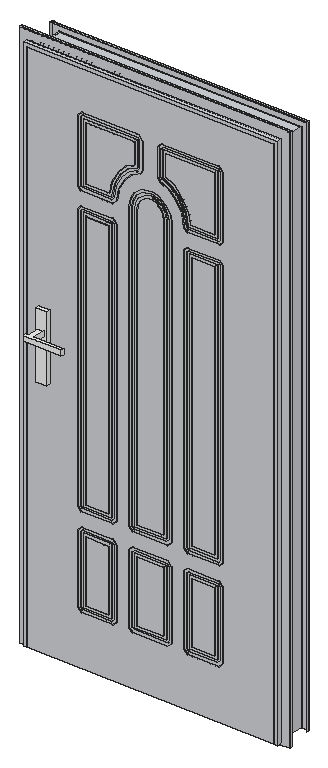
Revit family "GRANIT_7", category Drzwi, Revit 2016
Family settings
  Obiekt nadrzędny = Ściana
  Zawsze pionowo = Tak
  Tnij formami wycięć po wczytaniu = Nie
  Współdzielony = Nie
  Punkt obliczania pomieszczeń = Nie
Parameters (values of type "PN 90")
  URL = "www.porta.com.pl"
  SB = 964 mm
  Producent = "PORTA KMI POLAND"  # constant formula
  Keynote = ""
  Opis = "Własność Porta KMI Poland, wszelkie prawa zastrzeżone."  # constant formula
  Odwzorowanie ramy - zewnętrzne = 25 mm
  Odwzorowanie ramy - wewnętrzne = 25 mm
  Szerokość ramy = 75 mm
  Wysokość = 2056 mm
  Zakończenie ściany = Wg obiektu nadrzędnego
  Szerokość = 984 mm
  Materiał skrzydła [instance] = none
  Materiał ościeżnicy [instance] = none
  Materiał klamki [instance] = none
  Konstrukcja analityczna = "<Brak>"
  Informacja = ""
  Funkcja = Wewnętrzna
Types (8, lengths in mm): name | URL | SB | Wysokość | Szerokość | Informacja
  PN 80 | "www.porta.com.pl , www.portadoors.com , www.portacad.eu" | 856 | 2056 | 876 | ""
  PN 90 | "www.porta.com.pl" | 964 | 2056 | 984 | ""
  PN 100 | "www.porta.com.pl , www.portadoors.com , www.portacad.eu" | 1056 | 2056 | 1076 | "Biblioteki CAD produktów firmy PORTA KMI POLAND S.A. wraz z ich wizualizacjami są chronione prawami własności przemysłowej i intelektualnej. Można je wykorzystywać do handlowych celów osobistych poprzez zastosowanie w projektach, jednak nie wolno ich powielać, modyfikować, licencjonować ani publikować, w całości ani w części, chyba że celem przeglądania, bez uprzedniej pisemnej zgody PORTA KMI Poland sp.z.o.o. www.porta.com.pl "
  C'eska' a Slovenska' 80 | "www.porta.com.pl , www.portadoors.com , www.portacad.eu" | 860 | 2005 | 880 | "Biblioteki CAD produktów firmy PORTA KMI POLAND S.A. wraz z ich wizualizacjami są chronione prawami własności przemysłowej i intelektualnej. Można je wykorzystywać do handlowych celów osobistych poprzez zastosowanie w projektach, jednak nie wolno ich powielać, modyfikować, licencjonować ani publikować, w całości ani w części, chyba że celem przeglądania, bez uprzedniej pisemnej zgody PORTA KMI Poland sp.z.o.o. www.porta.com.pl "
  C'eska' a Slovenska' 90 | "www.porta.com.pl , www.portadoors.com , www.portacad.eu" | 960 | 2005 | 980 | "Biblioteki CAD produktów firmy PORTA KMI POLAND S.A. wraz z ich wizualizacjami są chronione prawami własności przemysłowej i intelektualnej. Można je wykorzystywać do handlowych celów osobistych poprzez zastosowanie w projektach, jednak nie wolno ich powielać, modyfikować, licencjonować ani publikować, w całości ani w części, chyba że celem przeglądania, bez uprzedniej pisemnej zgody PORTA KMI Poland sp.z.o.o. www.porta.com.pl "
  C'eska' a Slovenska' 100 | "www.porta.com.pl , www.portadoors.com , www.portacad.eu" | 1060 | 2005 | 1080 | "Biblioteki CAD produktów firmy PORTA KMI POLAND S.A. wraz z ich wizualizacjami są chronione prawami własności przemysłowej i intelektualnej. Można je wykorzystywać do handlowych celów osobistych poprzez zastosowanie w projektach, jednak nie wolno ich powielać, modyfikować, licencjonować ani publikować, w całości ani w części, chyba że celem przeglądania, bez uprzedniej pisemnej zgody PORTA KMI Poland sp.z.o.o. www.porta.com.pl "
  DIN 80 | "www.porta.com.pl , www.portadoors.com , www.portacad.eu" | 865 | 2005 | 885 | "Biblioteki CAD produktów firmy PORTA KMI POLAND S.A. wraz z ich wizualizacjami są chronione prawami własności przemysłowej i intelektualnej. Można je wykorzystywać do handlowych celów osobistych poprzez zastosowanie w projektach, jednak nie wolno ich powielać, modyfikować, licencjonować ani publikować, w całości ani w części, chyba że celem przeglądania, bez uprzedniej pisemnej zgody PORTA KMI Poland sp.z.o.o. www.porta.com.pl "
  DIN 90 | "www.porta.com.pl , www.portadoors.com , www.portacad.eu" | 990 | 2005 | 1010 | "Biblioteki CAD produktów firmy PORTA KMI POLAND S.A. wraz z ich wizualizacjami są chronione prawami własności przemysłowej i intelektualnej. Można je wykorzystywać do handlowych celów osobistych poprzez zastosowanie w projektach, jednak nie wolno ich powielać, modyfikować, licencjonować ani publikować, w całości ani w części, chyba że celem przeglądania, bez uprzedniej pisemnej zgody PORTA KMI Poland sp.z.o.o. www.porta.com.pl "
Reference planes
  plane 1: y = 0
  plane 2 "Środek (Lewa/Prawa)": x = 0
  plane 3 "Lewy": x = -492
  plane 4 "Prawy": x = 492
  plane 5: z = 2056
  plane 6 "Zewnętrzna": y = 75
  plane 7 "Wewnętrzna": y = -75
  plane 8: z = 184.239
  plane 9: y = -81.983
Forms (mm)
  Sweep 1, solid, material <- "Materiał ościeżnicy"
    path in 3D
      loop
        line (-492, -75, 0) -> (-492, -75, 2056) -> (492, -75, 2056) -> (492, -75, 0)
    profile origin (-492, -75, 1028) x (0, -1, 0) y (1, 0, 0)
      loop
        line (8.8, 22.5) -> (8.8, -12.5)
        arc (8.8, -12.5) -> (8.419, -13.419) -> (7.5, -13.8) r 1.3
        line (7.5, -13.8) -> (0, -13.8) -> (0, -15) -> (7.5, -15)
        arc (7.5, -15) -> (9.268, -14.268) -> (10, -12.5) r 2.5
        line (10, -12.5) -> (10, 22.5)
        arc (10, 22.5) -> (9.268, 24.268) -> (7.5, 25) r 2.5
        line (7.5, 25) -> (-33.505, 25)
        arc (-33.505, 25) -> (-34.212, 25.293) -> (-34.505, 26) r 1
        line (-34.505, 26) -> (-34.505, 34.5)
        arc (-34.505, 34.5) -> (-34.212, 35.207) -> (-33.505, 35.5) r 1
        line (-33.505, 35.5) -> (-26.255, 35.5)
        arc (-26.255, 35.5) -> (-24.005, 37.75) -> (-26.255, 40) r 2.25
        line (-26.255, 40) -> (-107.5, 40)
        arc (-107.5, 40) -> (-109.268, 39.268) -> (-110, 37.5) r 2.5
        line (-110, 37.5) -> (-110, 12.5)
        arc (-110, 12.5) -> (-109.268, 10.732) -> (-107.5, 10) r 2.5
        line (-107.5, 10) -> (-100, 10) -> (-100, 11.2) -> (-107.5, 11.2)
        arc (-107.5, 11.2) -> (-108.419, 11.581) -> (-108.8, 12.5) r 1.3
        line (-108.8, 12.5) -> (-108.8, 37.5)
        arc (-108.8, 37.5) -> (-108.419, 38.419) -> (-107.5, 38.8) r 1.3
        line (-107.5, 38.8) -> (-26.255, 38.8)
        arc (-26.255, 38.8) -> (-25.205, 37.75) -> (-26.255, 36.7) r 1.05
        line (-26.255, 36.7) -> (-33.505, 36.7)
        arc (-33.505, 36.7) -> (-35.06, 36.056) -> (-35.705, 34.5) r 2.2
        line (-35.705, 34.5) -> (-35.705, 26)
        arc (-35.705, 26) -> (-35.06, 24.444) -> (-33.505, 23.8) r 2.2
        line (-33.505, 23.8) -> (7.5, 23.8)
        arc (7.5, 23.8) -> (8.419, 23.419) -> (8.8, 22.5) r 1.3
      loop
        arc (-18.755, 35) -> (-20.219, 38.536) -> (-23.755, 40) r 5
        line (-23.755, 40) -> (-23.755, 34) -> (-31.755, 34) -> (-31.755, 26) -> (-18.755, 26) -> (-18.755, 35)
  Extrusion 2, solid, material <- "Materiał skrzydła"
    sketch origin (0, -75, 0) x (1, 0, 0) y (0, 0, 1)
      loop
        line (-463, 2023.457) -> (-463, 8.303) -> (463.032, 8.303) -> (463.032, 2023.457) -> (-463, 2023.457)
    from -17.017 to 30.983
  Sweep 3, solid, material <- "Materiał skrzydła"
    path in 3D
      loop
        line (463.032, -105.983, 8.303) -> (463.032, -105.983, 2023.457) -> (-463, -105.983, 2023.457) -> (-463, -105.983, 8.303)
    profile origin (-463, -105.983, 1015.88) x (-1, 0, 0) y (0, -1, 0)
      loop
        line (0, 0) -> (0, -18) -> (13, -18) -> (13, 0) -> (0, 0)
  Extrusion 4, void
    sketch origin (0, -75, 0) x (1, 0, 0) y (0, 0, 1)
      loop
        line (-272, 1863.06) -> (-272, 1624.414) -> (-259.646, 1612.06) -> (-140, 1612.06) -> (-125.475, 1624.959) -> (-116.598, 1670.63) -> (-95.72, 1706.79) -> (-72.578, 1729.933) -> (-36.626, 1747.468) -> (-29, 1760.676) -> (-29, 1863.06) -> (-44, 1878.06) -> (-257, 1878.06) -> (-272, 1863.06)
      loop
        line (-272, 1547.851) -> (-272, 550.06) -> (-259.646, 535.06) -> (-140, 535.06) -> (-125, 550.06) -> (-125, 1548.06) -> (-140, 1563.06) -> (-259.646, 1563.06) -> (-272, 1547.851)
      loop
        line (-272, 211.27) -> (-256.791, 196.06) -> (-140, 196.06) -> (-125, 211.06) -> (-125, 470.37) -> (-140, 485.37) -> (-256.791, 485.37) -> (-272, 470.16) -> (-272, 211.27)
      loop
        line (-80, 209.06) -> (-64.795, 196.06) -> (64.795, 196.06) -> (80, 209.06) -> (80, 470.856) -> (64.795, 486.06) -> (-65, 486.06) -> (-80, 471.06) -> (-80, 209.06)
      loop
        line (-80, 1625.06) -> (-80, 550.06) -> (-65, 535.06) -> (64.795, 535.06) -> (80, 550.265) -> (80, 1625.06) -> (74.809, 1651.764) -> (59.091, 1678.988) -> (32.588, 1697.546) -> (12.473, 1704.082) -> (0, 1705.06) -> (-12.473, 1704.082) -> (-32.588, 1697.546) -> (-59.091, 1678.988) -> (-74.809, 1651.764) -> (-80, 1625.06)
      loop
        line (272, 1863.06) -> (257, 1878.06) -> (44, 1878.06) -> (29, 1863.06) -> (29, 1760.676) -> (36.626, 1747.468) -> (72.578, 1729.933) -> (95.72, 1706.79) -> (116.598, 1670.63) -> (125.475, 1624.959) -> (140, 1612.06) -> (259.646, 1612.06) -> (272, 1624.414) -> (272, 1863.06)
      loop
        line (272, 1547.851) -> (259.646, 1563.06) -> (140, 1563.06) -> (125, 1548.06) -> (125, 550.06) -> (140, 535.06) -> (259.646, 535.06) -> (272, 550.06) -> (272, 1547.851)
      loop
        line (272, 211.27) -> (272, 470.16) -> (256.791, 485.37) -> (140, 485.37) -> (125, 470.37) -> (125, 211.06) -> (140, 196.06) -> (256.791, 196.06) -> (272, 211.27)
      loop
        line (-242, 1848.06) -> (-242, 1642.06) -> (-152.712, 1642.06) -> (-145.088, 1681.282) -> (-119.726, 1725.211) -> (-90.241, 1754.696) -> (-59, 1769.933) -> (-59, 1848.06) -> (-242, 1848.06)
      loop
        line (-242, 1533.06) -> (-242, 565.06) -> (-155, 565.06) -> (-155, 1533.06) -> (-242, 1533.06)
      loop
        line (-242, 455.37) -> (-242, 226.06) -> (-155, 226.06) -> (-155, 455.37) -> (-242, 455.37)
      loop
        line (-50, 1622.172) -> (-50, 565.06) -> (50, 565.06) -> (50, 1622.172) -> (46.319, 1641.111) -> (36.436, 1658.229) -> (19.053, 1670.4) -> (6.583, 1674.452) -> (0, 1674.968) -> (-6.583, 1674.452) -> (-19.053, 1670.4) -> (-36.436, 1658.229) -> (-46.319, 1641.111) -> (-50, 1622.172)
      loop
        line (50, 456.06) -> (-50, 456.06) -> (-50, 226.06) -> (50, 226.06) -> (50, 456.06)
      loop
        line (155, 565.06) -> (242, 565.06) -> (242, 1533.06) -> (155, 1533.06) -> (155, 565.06)
      loop
        line (242, 1642.06) -> (242, 1848.06) -> (59, 1848.06) -> (59, 1769.933) -> (90.241, 1754.696) -> (119.726, 1725.211) -> (145.088, 1681.282) -> (152.712, 1642.06) -> (242, 1642.06)
      loop
        line (155, 226.06) -> (242, 226.06) -> (242, 455.37) -> (155, 455.37) -> (155, 226.06)
    from 28.376 to 30.983
  Extrusion 5, void
    sketch origin (0, -75, 0) x (1, 0, 0) y (0, 0, 1)
      loop
        line (-272, 1863.06) -> (-272, 1624.414) -> (-259.646, 1612.06) -> (-140, 1612.06) -> (-125.475, 1624.959) -> (-116.598, 1670.63) -> (-95.72, 1706.79) -> (-72.578, 1729.933) -> (-36.626, 1747.468) -> (-29, 1760.676) -> (-29, 1863.06) -> (-44, 1878.06) -> (-257, 1878.06) -> (-272, 1863.06)
      loop
        line (-272, 1547.851) -> (-272, 550.06) -> (-259.646, 535.06) -> (-140, 535.06) -> (-125, 550.06) -> (-125, 1548.06) -> (-140, 1563.06) -> (-259.646, 1563.06) -> (-272, 1547.851)
      loop
        line (-272, 211.27) -> (-256.791, 196.06) -> (-140, 196.06) -> (-125, 211.06) -> (-125, 470.37) -> (-140, 485.37) -> (-256.791, 485.37) -> (-272, 470.16) -> (-272, 211.27)
      loop
        line (-80, 209.06) -> (-64.795, 196.06) -> (64.795, 196.06) -> (80, 209.06) -> (80, 470.856) -> (64.795, 486.06) -> (-65, 486.06) -> (-80, 471.06) -> (-80, 209.06)
      loop
        line (-80, 1625.06) -> (-80, 550.06) -> (-65, 535.06) -> (64.795, 535.06) -> (80, 550.265) -> (80, 1625.06) -> (74.809, 1651.764) -> (59.091, 1678.988) -> (32.588, 1697.546) -> (12.473, 1704.082) -> (0, 1705.06) -> (-12.473, 1704.082) -> (-32.588, 1697.546) -> (-59.091, 1678.988) -> (-74.809, 1651.764) -> (-80, 1625.06)
      loop
        line (272, 1863.06) -> (257, 1878.06) -> (44, 1878.06) -> (29, 1863.06) -> (29, 1760.676) -> (36.626, 1747.468) -> (72.578, 1729.933) -> (95.72, 1706.79) -> (116.598, 1670.63) -> (125.475, 1624.959) -> (140, 1612.06) -> (259.646, 1612.06) -> (272, 1624.414) -> (272, 1863.06)
      loop
        line (272, 1547.851) -> (259.646, 1563.06) -> (140, 1563.06) -> (125, 1548.06) -> (125, 550.06) -> (140, 535.06) -> (259.646, 535.06) -> (272, 550.06) -> (272, 1547.851)
      loop
        line (272, 211.27) -> (272, 470.16) -> (256.791, 485.37) -> (140, 485.37) -> (125, 470.37) -> (125, 211.06) -> (140, 196.06) -> (256.791, 196.06) -> (272, 211.27)
      loop
        line (-242, 1848.06) -> (-242, 1642.06) -> (-152.712, 1642.06) -> (-145.088, 1681.282) -> (-119.726, 1725.211) -> (-90.241, 1754.696) -> (-59, 1769.933) -> (-59, 1848.06) -> (-242, 1848.06)
      loop
        line (-242, 1533.06) -> (-242, 565.06) -> (-155, 565.06) -> (-155, 1533.06) -> (-242, 1533.06)
      loop
        line (-242, 455.37) -> (-242, 226.06) -> (-155, 226.06) -> (-155, 455.37) -> (-242, 455.37)
      loop
        line (-50, 1622.172) -> (-50, 565.06) -> (50, 565.06) -> (50, 1622.172) -> (46.319, 1641.111) -> (36.436, 1658.229) -> (19.053, 1670.4) -> (6.583, 1674.452) -> (0, 1674.968) -> (-6.583, 1674.452) -> (-19.053, 1670.4) -> (-36.436, 1658.229) -> (-46.319, 1641.111) -> (-50, 1622.172)
      loop
        line (50, 456.06) -> (-50, 456.06) -> (-50, 226.06) -> (50, 226.06) -> (50, 456.06)
      loop
        line (155, 565.06) -> (242, 565.06) -> (242, 1533.06) -> (155, 1533.06) -> (155, 565.06)
      loop
        line (242, 1642.06) -> (242, 1848.06) -> (59, 1848.06) -> (59, 1769.933) -> (90.241, 1754.696) -> (119.726, 1725.211) -> (145.088, 1681.282) -> (152.712, 1642.06) -> (242, 1642.06)
      loop
        line (155, 226.06) -> (242, 226.06) -> (242, 455.37) -> (155, 455.37) -> (155, 226.06)
    from -17.017 to -14.39
  Sweep 6, solid, material <- "Materiał skrzydła"
    path in 3D
      loop
        line (-272, -105.983, 1863.06) -> (-257, -105.983, 1878.06) -> (-44, -105.983, 1878.06) -> (-29, -105.983, 1863.06) -> (-29, -105.983, 1760.676) -> (-36.626, -105.983, 1747.468) -> (-72.578, -105.983, 1729.933) -> (-95.72, -105.983, 1706.79) -> (-116.598, -105.983, 1670.63) -> (-125.475, -105.983, 1624.959) -> (-140, -105.983, 1612.06) -> (-259.646, -105.983, 1612.06) -> (-272, -105.983, 1624.414) -> (-272, -105.983, 1863.06)
    profile origin (-272, -105.983, 1743.737) x (0, -1, 0) y (1, 0, 0)
      loop
        line (-1.303, 0) -> (-1.303, 10) -> (-2.607, 10) -> (-2.607, 0) -> (-1.303, 0)
      loop
        line (-46.697, 0) -> (-45.393, 0) -> (-45.393, 10) -> (-46.697, 10) -> (-46.697, 0)
  Sweep 7, solid, material <- "Materiał skrzydła"
    path in 3D
      loop
        line (-242, -105.983, 1642.06) -> (-152.712, -105.983, 1642.06) -> (-145.088, -105.983, 1681.282) -> (-119.726, -105.983, 1725.211) -> (-90.241, -105.983, 1754.696) -> (-59, -105.983, 1769.933) -> (-59, -105.983, 1848.06) -> (-242, -105.983, 1848.06) -> (-242, -105.983, 1642.06)
    profile origin (-242, -105.983, 1745.06) x (-1, 0, 0) y (0, -1, 0)
      loop
        line (0, -1.303) -> (0, -2.607) -> (10, -2.607) -> (10, -1.303) -> (0, -1.303)
      loop
        line (0, -46.697) -> (10, -46.697) -> (10, -45.393) -> (0, -45.393) -> (0, -46.697)
  Sweep 8, solid, material <- "Materiał skrzydła"
    path in 3D
      loop
        line (29, -105.983, 1863.06) -> (44, -105.983, 1878.06) -> (257, -105.983, 1878.06) -> (272, -105.983, 1863.06) -> (272, -105.983, 1624.414) -> (259.646, -105.983, 1612.06) -> (140, -105.983, 1612.06) -> (125.475, -105.983, 1624.959) -> (116.598, -105.983, 1670.63) -> (95.72, -105.983, 1706.79) -> (72.578, -105.983, 1729.933) -> (36.626, -105.983, 1747.468) -> (29, -105.983, 1760.676) -> (29, -105.983, 1863.06)
    profile origin (29, -105.983, 1811.868) x (0, -1, 0) y (1, 0, 0)
      loop
        line (-1.303, 10) -> (-2.607, 10) -> (-2.607, 0) -> (-1.303, 0) -> (-1.303, 10)
      loop
        line (-46.697, 10) -> (-46.697, 0) -> (-45.393, 0) -> (-45.393, 10) -> (-46.697, 10)
  Sweep 9, solid, material <- "Materiał skrzydła"
    path in 3D
      loop
        line (59, -105.983, 1769.933) -> (90.241, -105.983, 1754.696) -> (119.726, -105.983, 1725.211) -> (145.088, -105.983, 1681.282) -> (152.712, -105.983, 1642.06) -> (242, -105.983, 1642.06) -> (242, -105.983, 1848.06) -> (59, -105.983, 1848.06) -> (59, -105.983, 1769.933)
    profile origin (59, -105.983, 1808.997) x (-1, 0, 0) y (0, -1, 0)
      loop
        line (10, -1.303) -> (0, -1.303) -> (0, -2.607) -> (10, -2.607) -> (10, -1.303)
      loop
        line (10, -46.697) -> (10, -45.393) -> (0, -45.393) -> (0, -46.697) -> (10, -46.697)
  Sweep 10, solid, material <- "Materiał skrzydła"
    path in 3D
      loop
        line (-272, -105.983, 1547.851) -> (-259.646, -105.983, 1563.06) -> (-140, -105.983, 1563.06) -> (-125, -105.983, 1548.06) -> (-125, -105.983, 550.06) -> (-140, -105.983, 535.06) -> (-259.646, -105.983, 535.06) -> (-272, -105.983, 550.06) -> (-272, -105.983, 1547.851)
    profile origin (-272, -105.983, 1048.956) x (0, -1, 0) y (1, 0, 0)
      loop
        line (-1.303, 0) -> (-1.303, 10) -> (-2.607, 10) -> (-2.607, 0) -> (-1.303, 0)
      loop
        line (-46.697, 0) -> (-45.393, 0) -> (-45.393, 10) -> (-46.697, 10) -> (-46.697, 0)
  Sweep 11, solid, material <- "Materiał skrzydła"
    path in 3D
      loop
        line (-242, -105.983, 565.06) -> (-155, -105.983, 565.06) -> (-155, -105.983, 1533.06) -> (-242, -105.983, 1533.06) -> (-242, -105.983, 565.06)
    profile origin (-242, -105.983, 1049.06) x (-1, 0, 0) y (0, -1, 0)
      loop
        line (0, -1.303) -> (0, -2.607) -> (10, -2.607) -> (10, -1.303) -> (0, -1.303)
      loop
        line (0, -46.697) -> (10, -46.697) -> (10, -45.393) -> (0, -45.393) -> (0, -46.697)
  Sweep 12, solid, material <- "Materiał skrzydła"
    path in 3D
      loop
        line (-80, -105.983, 1625.06) -> (-74.809, -105.983, 1651.764) -> (-59.091, -105.983, 1678.988) -> (-32.588, -105.983, 1697.546) -> (-12.473, -105.983, 1704.082) -> (0, -105.983, 1705.06) -> (12.473, -105.983, 1704.082) -> (32.588, -105.983, 1697.546) -> (59.091, -105.983, 1678.988) -> (74.809, -105.983, 1651.764) -> (80, -105.983, 1625.06) -> (80, -105.983, 550.265) -> (64.795, -105.983, 535.06) -> (-65, -105.983, 535.06) -> (-80, -105.983, 550.06) -> (-80, -105.983, 1625.06)
    profile origin (-80, -105.983, 1087.56) x (0, -1, 0) y (1, 0, 0)
      loop
        line (-1.303, 0) -> (-1.303, 10) -> (-2.607, 10) -> (-2.607, 0) -> (-1.303, 0)
      loop
        line (-46.697, 0) -> (-45.393, 0) -> (-45.393, 10) -> (-46.697, 10) -> (-46.697, 0)
  Sweep 13, solid, material <- "Materiał skrzydła"
    path in 3D
      loop
        line (-50, -105.983, 565.06) -> (50, -105.983, 565.06) -> (50, -105.983, 1622.172) -> (46.319, -105.983, 1641.111) -> (36.436, -105.983, 1658.229) -> (19.053, -105.983, 1670.4) -> (6.583, -105.983, 1674.452) -> (0, -105.983, 1674.968) -> (-6.583, -105.983, 1674.452) -> (-19.053, -105.983, 1670.4) -> (-36.436, -105.983, 1658.229) -> (-46.319, -105.983, 1641.111) -> (-50, -105.983, 1622.172) -> (-50, -105.983, 565.06)
    profile origin (-50, -105.983, 1093.616) x (-1, 0, 0) y (0, -1, 0)
      loop
        line (0, -1.303) -> (0, -2.607) -> (10, -2.607) -> (10, -1.303) -> (0, -1.303)
      loop
        line (0, -46.697) -> (10, -46.697) -> (10, -45.393) -> (0, -45.393) -> (0, -46.697)
  Sweep 14, solid, material <- "Materiał skrzydła"
    path in 3D
      loop
        line (125, -105.983, 1548.06) -> (140, -105.983, 1563.06) -> (259.646, -105.983, 1563.06) -> (272, -105.983, 1547.851) -> (272, -105.983, 550.06) -> (259.646, -105.983, 535.06) -> (140, -105.983, 535.06) -> (125, -105.983, 550.06) -> (125, -105.983, 1548.06)
    profile origin (125, -105.983, 1049.06) x (0, -1, 0) y (1, 0, 0)
      loop
        line (-1.303, 0) -> (-1.303, 10) -> (-2.607, 10) -> (-2.607, 0) -> (-1.303, 0)
      loop
        line (-46.697, 0) -> (-45.393, 0) -> (-45.393, 10) -> (-46.697, 10) -> (-46.697, 0)
  Sweep 15, solid, material <- "Materiał skrzydła"
    path in 3D
      loop
        line (155, -105.983, 565.06) -> (242, -105.983, 565.06) -> (242, -105.983, 1533.06) -> (155, -105.983, 1533.06) -> (155, -105.983, 565.06)
    profile origin (155, -105.983, 1049.06) x (-1, 0, 0) y (0, -1, 0)
      loop
        line (0, -1.303) -> (0, -2.607) -> (10, -2.607) -> (10, -1.303) -> (0, -1.303)
      loop
        line (0, -46.697) -> (10, -46.697) -> (10, -45.393) -> (0, -45.393) -> (0, -46.697)
  Sweep 16, solid, material <- "Materiał skrzydła"
    path in 3D
      loop
        line (-272, -105.983, 470.16) -> (-256.791, -105.983, 485.37) -> (-140, -105.983, 485.37) -> (-125, -105.983, 470.37) -> (-125, -105.983, 211.06) -> (-140, -105.983, 196.06) -> (-256.791, -105.983, 196.06) -> (-272, -105.983, 211.27) -> (-272, -105.983, 470.16)
    profile origin (-272, -105.983, 340.715) x (0, -1, 0) y (1, 0, 0)
      loop
        line (-1.303, 0) -> (-1.303, 10) -> (-2.607, 10) -> (-2.607, 0) -> (-1.303, 0)
      loop
        line (-46.697, 0) -> (-45.393, 0) -> (-45.393, 10) -> (-46.697, 10) -> (-46.697, 0)
  Sweep 17, solid, material <- "Materiał skrzydła"
    path in 3D
      loop
        line (-242, -105.983, 226.06) -> (-155, -105.983, 226.06) -> (-155, -105.983, 455.37) -> (-242, -105.983, 455.37) -> (-242, -105.983, 226.06)
    profile origin (-242, -105.983, 340.715) x (-1, 0, 0) y (0, -1, 0)
      loop
        line (0, -1.303) -> (0, -2.607) -> (10, -2.607) -> (10, -1.303) -> (0, -1.303)
      loop
        line (0, -46.697) -> (10, -46.697) -> (10, -45.393) -> (0, -45.393) -> (0, -46.697)
  Sweep 18, solid, material <- "Materiał skrzydła"
    path in 3D
      loop
        line (-80, -105.983, 471.06) -> (-65, -105.983, 486.06) -> (64.795, -105.983, 486.06) -> (80, -105.983, 470.856) -> (80, -105.983, 209.06) -> (64.795, -105.983, 196.06) -> (-64.795, -105.983, 196.06) -> (-80, -105.983, 209.06) -> (-80, -105.983, 471.06)
    profile origin (-80, -105.983, 340.06) x (0, -1, 0) y (1, 0, 0)
      loop
        line (-1.303, 0) -> (-1.303, 10) -> (-2.607, 10) -> (-2.607, 0) -> (-1.303, 0)
      loop
        line (-46.697, 0) -> (-45.393, 0) -> (-45.393, 10) -> (-46.697, 10) -> (-46.697, 0)
  Sweep 19, solid, material <- "Materiał skrzydła"
    path in 3D
      loop
        line (-50, -105.983, 226.06) -> (50, -105.983, 226.06) -> (50, -105.983, 456.06) -> (-50, -105.983, 456.06) -> (-50, -105.983, 226.06)
    profile origin (-50, -105.983, 341.06) x (-1, 0, 0) y (0, -1, 0)
      loop
        line (0, -1.303) -> (0, -2.607) -> (10, -2.607) -> (10, -1.303) -> (0, -1.303)
      loop
        line (0, -46.697) -> (10, -46.697) -> (10, -45.393) -> (0, -45.393) -> (0, -46.697)
  Sweep 20, solid, material <- "Materiał skrzydła"
    path in 3D
      loop
        line (125, -105.983, 470.37) -> (140, -105.983, 485.37) -> (256.791, -105.983, 485.37) -> (272, -105.983, 470.16) -> (272, -105.983, 211.27) -> (256.791, -105.983, 196.06) -> (140, -105.983, 196.06) -> (125, -105.983, 211.06) -> (125, -105.983, 470.37)
    profile origin (125, -105.983, 340.715) x (0, -1, 0) y (1, 0, 0)
      loop
        line (-1.303, 0) -> (-1.303, 10) -> (-2.607, 10) -> (-2.607, 0) -> (-1.303, 0)
      loop
        line (-46.697, 0) -> (-45.393, 0) -> (-45.393, 10) -> (-46.697, 10) -> (-46.697, 0)
  Sweep 21, solid, material <- "Materiał skrzydła"
    path in 3D
      loop
        line (155, -105.983, 226.06) -> (242, -105.983, 226.06) -> (242, -105.983, 455.37) -> (155, -105.983, 455.37) -> (155, -105.983, 226.06)
    profile origin (155, -105.983, 340.715) x (-1, 0, 0) y (0, -1, 0)
      loop
        line (0, -1.303) -> (0, -2.607) -> (10, -2.607) -> (10, -1.303) -> (0, -1.303)
      loop
        line (0, -46.697) -> (10, -46.697) -> (10, -45.393) -> (0, -45.393) -> (0, -46.697)
Cuts and joins
  Extrusion 4 cuts Sweep 1
  Extrusion 4, Extrusion 5 cuts Extrusion 2
  Extrusion 4, Extrusion 5 cuts Sweep 3
Lines and regions (mm)
  Opening 1
    outline origin (-3050, -75, 0) x (1, 0, 0) y (0, 0, 1)
      loop
        line (2558, 0) -> (3542, 0) -> (3542, 2056) -> (2558, 2056) -> (2558, 0)
  model lines, style "s-główna"
    curve 1: line (-525, 75, 0) -> (-520, 75, 0)
    curve 2: line (-522, -75, 0) -> (-527, -75, 0)
  symbolic lines
    curve 3: line (492, -75, 0) -> (492, -1059.257, 0)
    curve 4: line (492, -1059.257, 0) -> (444, -1059.257, 0)
    curve 5: line (444, -1059.257, 0) -> (444, -75, 0)
    curve 6: line (444, -75, 0) -> (492, -75, 0)
    curve 7: arc (-492, -75, 0) -> (-220.562, -753.61, 0) -> (444, -1057.829, 0) r 984
  sketch lines
    curve 8: line (-492, -75, 0) -> (-492, -75, 2056)
    curve 9: line (-492, -75, 2056) -> (492, -75, 2056)
    curve 10: line (492, -75, 2056) -> (492, -75, 0)
    curve 11: line (-463, -105.983, 2023.457) -> (-463, -105.983, 8.303)
    curve 12: line (463.032, -105.983, 2023.457) -> (-463, -105.983, 2023.457)
    curve 13: line (463.032, -105.983, 8.303) -> (463.032, -105.983, 2023.457)
    curve 14: line (-272, -105.983, 1624.414) -> (-272, -105.983, 1863.06)
    curve 15: line (-272, -105.983, 1863.06) -> (-257, -105.983, 1878.06)
    curve 16: line (-257, -105.983, 1878.06) -> (-44, -105.983, 1878.06)
    curve 17: line (-44, -105.983, 1878.06) -> (-29, -105.983, 1863.06)
    curve 18: line (-29, -105.983, 1863.06) -> (-29, -105.983, 1760.676)
    curve 19: line (-29, -105.983, 1760.676) -> (-36.626, -105.983, 1747.468)
    curve 20: line (-36.626, -105.983, 1747.468) -> (-72.578, -105.983, 1729.933)
    curve 21: line (-72.578, -105.983, 1729.933) -> (-95.72, -105.983, 1706.79)
    curve 22: line (-95.72, -105.983, 1706.79) -> (-116.598, -105.983, 1670.63)
    curve 23: line (-116.598, -105.983, 1670.63) -> (-125.475, -105.983, 1624.959)
    curve 24: line (-125.475, -105.983, 1624.959) -> (-140, -105.983, 1612.06)
    curve 25: line (-140, -105.983, 1612.06) -> (-259.646, -105.983, 1612.06)
    curve 26: line (-259.646, -105.983, 1612.06) -> (-272, -105.983, 1624.414)
    curve 27: line (-242, -105.983, 1848.06) -> (-242, -105.983, 1642.06)
    curve 28: line (-59, -105.983, 1848.06) -> (-242, -105.983, 1848.06)
    curve 29: line (-59, -105.983, 1769.933) -> (-59, -105.983, 1848.06)
    curve 30: line (-90.241, -105.983, 1754.696) -> (-59, -105.983, 1769.933)
    curve 31: line (-119.726, -105.983, 1725.211) -> (-90.241, -105.983, 1754.696)
    curve 32: line (-145.088, -105.983, 1681.282) -> (-119.726, -105.983, 1725.211)
    curve 33: line (-152.712, -105.983, 1642.06) -> (-145.088, -105.983, 1681.282)
    curve 34: line (-242, -105.983, 1642.06) -> (-152.712, -105.983, 1642.06)
    curve 35: line (29, -105.983, 1760.676) -> (29, -105.983, 1863.06)
    curve 36: line (29, -105.983, 1863.06) -> (44, -105.983, 1878.06)
    curve 37: line (44, -105.983, 1878.06) -> (257, -105.983, 1878.06)
    curve 38: line (257, -105.983, 1878.06) -> (272, -105.983, 1863.06)
    curve 39: line (272, -105.983, 1863.06) -> (272, -105.983, 1624.414)
    curve 40: line (272, -105.983, 1624.414) -> (259.646, -105.983, 1612.06)
    curve 41: line (259.646, -105.983, 1612.06) -> (140, -105.983, 1612.06)
    curve 42: line (140, -105.983, 1612.06) -> (125.475, -105.983, 1624.959)
    curve 43: line (125.475, -105.983, 1624.959) -> (116.598, -105.983, 1670.63)
    curve 44: line (116.598, -105.983, 1670.63) -> (95.72, -105.983, 1706.79)
    curve 45: line (95.72, -105.983, 1706.79) -> (72.578, -105.983, 1729.933)
    curve 46: line (72.578, -105.983, 1729.933) -> (36.626, -105.983, 1747.468)
    curve 47: line (36.626, -105.983, 1747.468) -> (29, -105.983, 1760.676)
    curve 48: line (59, -105.983, 1848.06) -> (59, -105.983, 1769.933)
    curve 49: line (242, -105.983, 1848.06) -> (59, -105.983, 1848.06)
    curve 50: line (242, -105.983, 1642.06) -> (242, -105.983, 1848.06)
    curve 51: line (152.712, -105.983, 1642.06) -> (242, -105.983, 1642.06)
    curve 52: line (145.088, -105.983, 1681.282) -> (152.712, -105.983, 1642.06)
    curve 53: line (119.726, -105.983, 1725.211) -> (145.088, -105.983, 1681.282)
    curve 54: line (90.241, -105.983, 1754.696) -> (119.726, -105.983, 1725.211)
    curve 55: line (59, -105.983, 1769.933) -> (90.241, -105.983, 1754.696)
    curve 56: line (-272, -105.983, 550.06) -> (-272, -105.983, 1547.851)
    curve 57: line (-272, -105.983, 1547.851) -> (-259.646, -105.983, 1563.06)
    curve 58: line (-259.646, -105.983, 1563.06) -> (-140, -105.983, 1563.06)
    curve 59: line (-140, -105.983, 1563.06) -> (-125, -105.983, 1548.06)
    curve 60: line (-125, -105.983, 1548.06) -> (-125, -105.983, 550.06)
    curve 61: line (-125, -105.983, 550.06) -> (-140, -105.983, 535.06)
    curve 62: line (-140, -105.983, 535.06) -> (-259.646, -105.983, 535.06)
    curve 63: line (-259.646, -105.983, 535.06) -> (-272, -105.983, 550.06)
    curve 64: line (-242, -105.983, 1533.06) -> (-242, -105.983, 565.06)
    curve 65: line (-155, -105.983, 1533.06) -> (-242, -105.983, 1533.06)
    curve 66: line (-155, -105.983, 565.06) -> (-155, -105.983, 1533.06)
    curve 67: line (-242, -105.983, 565.06) -> (-155, -105.983, 565.06)
    curve 68: line (-80, -105.983, 550.06) -> (-80, -105.983, 1625.06)
    curve 69: line (-80, -105.983, 1625.06) -> (-74.809, -105.983, 1651.764)
    curve 70: line (-74.809, -105.983, 1651.764) -> (-59.091, -105.983, 1678.988)
    curve 71: line (-59.091, -105.983, 1678.988) -> (-32.588, -105.983, 1697.546)
    curve 72: line (-12.473, -105.983, 1704.082) -> (0, -105.983, 1705.06)
    curve 73: line (-32.588, -105.983, 1697.546) -> (-12.473, -105.983, 1704.082)
    curve 74: line (0, -105.983, 1705.06) -> (12.473, -105.983, 1704.082)
    curve 75: line (12.473, -105.983, 1704.082) -> (32.588, -105.983, 1697.546)
    curve 76: line (32.588, -105.983, 1697.546) -> (59.091, -105.983, 1678.988)
    curve 77: line (59.091, -105.983, 1678.988) -> (74.809, -105.983, 1651.764)
    curve 78: line (74.809, -105.983, 1651.764) -> (80, -105.983, 1625.06)
    curve 79: line (80, -105.983, 1625.06) -> (80, -105.983, 550.265)
    curve 80: line (80, -105.983, 550.265) -> (64.795, -105.983, 535.06)
    curve 81: line (64.795, -105.983, 535.06) -> (-65, -105.983, 535.06)
    curve 82: line (-65, -105.983, 535.06) -> (-80, -105.983, 550.06)
    curve 83: line (-50, -105.983, 1622.172) -> (-50, -105.983, 565.06)
    curve 84: line (-46.319, -105.983, 1641.111) -> (-50, -105.983, 1622.172)
    curve 85: line (-36.436, -105.983, 1658.229) -> (-46.319, -105.983, 1641.111)
    curve 86: line (-19.053, -105.983, 1670.4) -> (-36.436, -105.983, 1658.229)
    curve 87: line (-6.583, -105.983, 1674.452) -> (-19.053, -105.983, 1670.4)
    curve 88: line (0, -105.983, 1674.968) -> (-6.583, -105.983, 1674.452)
    curve 89: line (6.583, -105.983, 1674.452) -> (0, -105.983, 1674.968)
    curve 90: line (19.053, -105.983, 1670.4) -> (6.583, -105.983, 1674.452)
    curve 91: line (36.436, -105.983, 1658.229) -> (19.053, -105.983, 1670.4)
    curve 92: line (46.319, -105.983, 1641.111) -> (36.436, -105.983, 1658.229)
    curve 93: line (50, -105.983, 1622.172) -> (46.319, -105.983, 1641.111)
    curve 94: line (50, -105.983, 565.06) -> (50, -105.983, 1622.172)
    curve 95: line (-50, -105.983, 565.06) -> (50, -105.983, 565.06)
    curve 96: line (125, -105.983, 550.06) -> (125, -105.983, 1548.06)
    curve 97: line (125, -105.983, 1548.06) -> (140, -105.983, 1563.06)
    curve 98: line (140, -105.983, 1563.06) -> (259.646, -105.983, 1563.06)
    curve 99: line (259.646, -105.983, 1563.06) -> (272, -105.983, 1547.851)
    curve 100: line (272, -105.983, 1547.851) -> (272, -105.983, 550.06)
    curve 101: line (272, -105.983, 550.06) -> (259.646, -105.983, 535.06)
    curve 102: line (259.646, -105.983, 535.06) -> (140, -105.983, 535.06)
    curve 103: line (140, -105.983, 535.06) -> (125, -105.983, 550.06)
    curve 104: line (155, -105.983, 1533.06) -> (155, -105.983, 565.06)
    curve 105: line (242, -105.983, 1533.06) -> (155, -105.983, 1533.06)
    curve 106: line (242, -105.983, 565.06) -> (242, -105.983, 1533.06)
    curve 107: line (155, -105.983, 565.06) -> (242, -105.983, 565.06)
    curve 108: line (-272, -105.983, 211.27) -> (-272, -105.983, 470.16)
    curve 109: line (-272, -105.983, 470.16) -> (-256.791, -105.983, 485.37)
    curve 110: line (-256.791, -105.983, 485.37) -> (-140, -105.983, 485.37)
    curve 111: line (-140, -105.983, 485.37) -> (-125, -105.983, 470.37)
    curve 112: line (-125, -105.983, 470.37) -> (-125, -105.983, 211.06)
    curve 113: line (-125, -105.983, 211.06) -> (-140, -105.983, 196.06)
    curve 114: line (-140, -105.983, 196.06) -> (-256.791, -105.983, 196.06)
    curve 115: line (-256.791, -105.983, 196.06) -> (-272, -105.983, 211.27)
    curve 116: line (-242, -105.983, 455.37) -> (-242, -105.983, 226.06)
    curve 117: line (-155, -105.983, 455.37) -> (-242, -105.983, 455.37)
    curve 118: line (-155, -105.983, 226.06) -> (-155, -105.983, 455.37)
    curve 119: line (-242, -105.983, 226.06) -> (-155, -105.983, 226.06)
    curve 120: line (-80, -105.983, 209.06) -> (-80, -105.983, 471.06)
    curve 121: line (-80, -105.983, 471.06) -> (-65, -105.983, 486.06)
    curve 122: line (-65, -105.983, 486.06) -> (64.795, -105.983, 486.06)
    curve 123: line (64.795, -105.983, 486.06) -> (80, -105.983, 470.856)
    curve 124: line (80, -105.983, 470.856) -> (80, -105.983, 209.06)
    curve 125: line (80, -105.983, 209.06) -> (64.795, -105.983, 196.06)
    curve 126: line (64.795, -105.983, 196.06) -> (-64.795, -105.983, 196.06)
    curve 127: line (-64.795, -105.983, 196.06) -> (-80, -105.983, 209.06)
    curve 128: line (-50, -105.983, 456.06) -> (-50, -105.983, 226.06)
    curve 129: line (50, -105.983, 456.06) -> (-50, -105.983, 456.06)
    curve 130: line (50, -105.983, 226.06) -> (50, -105.983, 456.06)
    curve 131: line (-50, -105.983, 226.06) -> (50, -105.983, 226.06)
    curve 132: line (125, -105.983, 211.06) -> (125, -105.983, 470.37)
    curve 133: line (125, -105.983, 470.37) -> (140, -105.983, 485.37)
    curve 134: line (140, -105.983, 485.37) -> (256.791, -105.983, 485.37)
    curve 135: line (256.791, -105.983, 485.37) -> (272, -105.983, 470.16)
    curve 136: line (272, -105.983, 470.16) -> (272, -105.983, 211.27)
    curve 137: line (272, -105.983, 211.27) -> (256.791, -105.983, 196.06)
    curve 138: line (256.791, -105.983, 196.06) -> (140, -105.983, 196.06)
    curve 139: line (140, -105.983, 196.06) -> (125, -105.983, 211.06)
    curve 140: line (155, -105.983, 455.37) -> (155, -105.983, 226.06)
    curve 141: line (242, -105.983, 455.37) -> (155, -105.983, 455.37)
    curve 142: line (242, -105.983, 226.06) -> (242, -105.983, 455.37)
    curve 143: line (155, -105.983, 226.06) -> (242, -105.983, 226.06)
Text (mm)
  text "Zewnętrzna" at (-2295.016, 1099.543, 0), in view "Poziom odniesienia"
  text "Zewnętrzna" at (0, 1615.38, 3698.081), in view "Lewy"
  text "Zewnętrzna" at (0, 1036.032, 3874.932), in view "Prawy"
Dimensions and locks
  equal spacing: plane 3 "Lewy", plane 2 "Środek (Lewa/Prawa)", plane 4 "Prawy"
  "Szerokość": plane 3 "Lewy" to plane 4 "Prawy"
  "Wysokość": plane 5 to host wall
  host wall to plane 5 = 2056 mm  (x2)
  locked: plane 6 "Zewnętrzna" to host wall at 0
  locked: plane 7 "Wewnętrzna" to host wall
  locked: curve 5 to curve 3 at 48
  "SB": Sweep 1 to Sweep 1
  locked: Extrusion 2 to Extrusion 2 at 48
  locked: Sweep 1 to Extrusion 2 at 4
  locked: Extrusion 2 to plane 7 "Wewnętrzna" at 17.017
  locked: Extrusion 2 to Sweep 1 at 3.968
  locked: level to Extrusion 2 at 8.303
  locked: Extrusion 2 to Sweep 1 at 7.543
  locked: Extrusion 2 to nested 3 at 65
  locked: Extrusion 2 to nested 2 at 65
  locked: nested 2 to Extrusion 2 at 1094
  locked: Extrusion 2 to nested 3 at 1094
  locked: plane 9 to plane 7 "Wewnętrzna" at 6.983
  aligned and locked: plane 3 "Lewy" to Opening 1 sketch curve
  aligned and locked: plane 5 to Opening 1 sketch curve  (x2)
  aligned and locked: Opening 1 sketch curve to plane 4 "Prawy"
  aligned and locked: Opening 1 sketch curve to level
  aligned and locked: plane 1 to host wall
Automatic sketch dimensions
  curve 2 to host wall = 0 mm
  curve 1 to host wall = 0 mm
  curve 7 to host wall = 0 mm
  curve 7 to plane 3 "Lewy" = 0 mm
  curve 6 to host wall = 0 mm
  curve 6 to plane 4 "Prawy" = 0 mm
  curve 7 to plane 4 "Prawy" = 0 mm
  plane 3 "Lewy" to curve 1 = 28 mm
  plane 3 "Lewy" to curve 2 = 30 mm
  curve 1 to curve 1 = 5 mm
  curve 2 to curve 2 = 5 mm
  curve 4 to curve 7 = 1.429 mm
  Sweep 1 sketch curve to Sweep 1 sketch curve = 0 mm  (x15)
  Sweep 1 sketch curve to profile plane = 0 mm
  profile plane to Sweep 1 sketch curve = 18.755 mm
  Sweep 1 sketch curve to Sweep 1 sketch curve = 5 mm
  Sweep 1 sketch curve to Sweep 1 sketch curve = 2.5 mm
  Sweep 1 sketch curve to Sweep 1 sketch curve = 5.5 mm
  Sweep 1 sketch curve to Sweep 1 sketch curve = 1.75 mm  (x2)
  Sweep 1 sketch curve to Sweep 1 sketch curve = 1 mm  (x2)
  Sweep 1 sketch curve to Sweep 1 sketch curve = 1.2 mm
  profile plane to Sweep 1 sketch curve = 10 mm
  Sweep 1 sketch curve to Sweep 1 sketch curve = 64.295 mm
  Sweep 1 sketch curve to Sweep 1 sketch curve = 7.5 mm  (x2)
  Sweep 1 sketch curve to Sweep 1 sketch curve = 1.3 mm  (x2)
  Sweep 1 sketch curve to profile plane = 7.5 mm  (x2)
  Sweep 1 sketch curve to profile plane = 12.5 mm
  profile plane to Sweep 1 sketch curve = 22.5 mm
  Sweep 1 sketch curve to Sweep 1 sketch curve = 8 mm
  Sweep 1 sketch curve to Sweep 1 sketch curve = 0.5 mm
  Sweep 1 sketch curve to Sweep 1 sketch curve = 25 mm
  level to Extrusion 2 sketch curve = 8.303 mm
  Extrusion 2 sketch curve to plane 3 "Lewy" = 29 mm
  plane 4 "Prawy" to Extrusion 2 sketch curve = 28.968 mm
  plane 5 to Extrusion 2 sketch curve = 32.543 mm
  Sweep 3 sketch curve to profile plane = 0 mm  (x2)
  profile plane to Sweep 3 sketch curve = 13 mm
  Sweep 3 sketch curve to Sweep 3 sketch curve = 18 mm
  Extrusion 4 sketch curve to plane 2 "Środek (Lewa/Prawa)" = 0 mm  (x2)
  Extrusion 4 sketch curve to plane 2 "Środek (Lewa/Prawa)" = 6.583 mm
  Extrusion 4 sketch curve to plane 2 "Środek (Lewa/Prawa)" = 12.473 mm
  Extrusion 4 sketch curve to Extrusion 4 sketch curve = 12.47 mm  (x2)
  Extrusion 4 sketch curve to plane 2 "Środek (Lewa/Prawa)" = 29 mm
  Extrusion 4 sketch curve to Extrusion 4 sketch curve = 20.115 mm  (x2)
  Extrusion 4 sketch curve to Extrusion 4 sketch curve = 17.383 mm  (x2)
  Extrusion 4 sketch curve to Extrusion 4 sketch curve = 7.626 mm  (x2)
  Extrusion 4 sketch curve to Extrusion 4 sketch curve = 15 mm  (x40)
  Extrusion 4 sketch curve to Extrusion 4 sketch curve = 9.883 mm  (x2)
  Extrusion 4 sketch curve to plane 2 "Środek (Lewa/Prawa)" = 50 mm  (x2)
  Extrusion 4 sketch curve to Extrusion 4 sketch curve = 30 mm  (x5)
  Extrusion 4 sketch curve to Extrusion 4 sketch curve = 22.655 mm  (x2)
  plane 8 to Extrusion 4 sketch curve = 11.821 mm  (x3)
  Extrusion 4 sketch curve to Extrusion 4 sketch curve = 14.795 mm  (x5)
  Extrusion 4 sketch curve to Extrusion 4 sketch curve = 35.952 mm  (x2)
  Extrusion 4 sketch curve to Extrusion 4 sketch curve = 28.491 mm  (x4)
  plane 8 to Extrusion 4 sketch curve = 24.821 mm
  Extrusion 4 sketch curve to Extrusion 4 sketch curve = 15.205 mm  (x4)
  Extrusion 4 sketch curve to Extrusion 4 sketch curve = 5.191 mm  (x2)
  Extrusion 4 sketch curve to Extrusion 4 sketch curve = 17.663 mm  (x2)
  Extrusion 4 sketch curve to Extrusion 4 sketch curve = 23.142 mm  (x4)
  Extrusion 4 sketch curve to Extrusion 4 sketch curve = 20.877 mm  (x2)
  Extrusion 4 sketch curve to Extrusion 4 sketch curve = 24.006 mm  (x2)
  plane 8 to Extrusion 4 sketch curve = 26.821 mm
  Extrusion 4 sketch curve to Extrusion 4 sketch curve = 45 mm  (x4)
  Extrusion 4 sketch curve to Extrusion 4 sketch curve = 45.475 mm  (x2)
  Extrusion 4 sketch curve to Extrusion 4 sketch curve = 14.525 mm  (x2)
  Extrusion 4 sketch curve to Extrusion 4 sketch curve = 27.237 mm  (x2)
  Extrusion 4 sketch curve to Extrusion 4 sketch curve = 122.274 mm
  Extrusion 4 sketch curve to Extrusion 4 sketch curve = 87 mm  (x4)
  plane 8 to Extrusion 4 sketch curve = 41.821 mm  (x2)
  Extrusion 4 sketch curve to Extrusion 4 sketch curve = 14.791 mm  (x8)
  Extrusion 4 sketch curve to Extrusion 4 sketch curve = 17.646 mm  (x7)
  plane 8 to Extrusion 4 sketch curve = 27.03 mm
  Extrusion 4 sketch curve to Extrusion 4 sketch curve = 15.209 mm  (x4)
  Extrusion 4 sketch curve to Extrusion 4 sketch curve = 12.354 mm  (x5)
  plane 2 "Środek (Lewa/Prawa)" to Extrusion 4 sketch curve = 6.583 mm
  plane 2 "Środek (Lewa/Prawa)" to Extrusion 4 sketch curve = 12.473 mm
  plane 2 "Środek (Lewa/Prawa)" to Extrusion 4 sketch curve = 29 mm
  plane 2 "Środek (Lewa/Prawa)" to Extrusion 4 sketch curve = 50 mm  (x2)
  Extrusion 4 sketch curve to Extrusion 4 sketch curve = 89.288 mm
  Extrusion 4 sketch curve to Extrusion 4 sketch curve = 13 mm
  Extrusion 4 sketch curve to Extrusion 4 sketch curve = 229.309 mm  (x2)
  Extrusion 4 sketch curve to Extrusion 4 sketch curve = 0.691 mm
  Extrusion 4 sketch curve to Extrusion 4 sketch curve = 49.691 mm  (x2)
  Extrusion 4 sketch curve to Extrusion 4 sketch curve = 49 mm  (x3)
  plane 5 to Extrusion 4 sketch curve = 522.94 mm
  Extrusion 4 sketch curve to Extrusion 4 sketch curve = 0 mm
  Extrusion 4 sketch curve to Extrusion 4 sketch curve = 10.111 mm  (x2)
  Extrusion 4 sketch curve to Extrusion 4 sketch curve = 12.898 mm  (x2)
  Extrusion 4 sketch curve to Extrusion 4 sketch curve = 2.889 mm  (x2)
  Extrusion 4 sketch curve to Extrusion 4 sketch curve = 18.94 mm  (x2)
  Extrusion 4 sketch curve to Extrusion 4 sketch curve = 17.102 mm
  Extrusion 4 sketch curve to Extrusion 4 sketch curve = 26.703 mm  (x2)
  Extrusion 4 sketch curve to Extrusion 4 sketch curve = 17.117 mm  (x2)
  Extrusion 4 sketch curve to Extrusion 4 sketch curve = 12.172 mm  (x2)
  Extrusion 4 sketch curve to Extrusion 4 sketch curve = 18.866 mm  (x2)
  Extrusion 4 sketch curve to Extrusion 4 sketch curve = 4.052 mm  (x2)
  Extrusion 4 sketch curve to Extrusion 4 sketch curve = 0.516 mm
  Extrusion 4 sketch curve to Extrusion 4 sketch curve = 20.76 mm  (x2)
  Extrusion 4 sketch curve to Extrusion 4 sketch curve = 10.652 mm  (x2)
  Extrusion 4 sketch curve to Extrusion 4 sketch curve = 27.146 mm  (x2)
  Extrusion 4 sketch curve to Extrusion 4 sketch curve = 6.536 mm  (x2)
  Extrusion 4 sketch curve to Extrusion 4 sketch curve = 0.978 mm
  Extrusion 4 sketch curve to Extrusion 4 sketch curve = 36.161 mm  (x2)
  Extrusion 4 sketch curve to Extrusion 4 sketch curve = 18.42 mm  (x2)
  Extrusion 4 sketch curve to Extrusion 4 sketch curve = 17.535 mm  (x2)
  Extrusion 4 sketch curve to Extrusion 4 sketch curve = 24.763 mm  (x2)
  Extrusion 4 sketch curve to Extrusion 4 sketch curve = 13.208 mm  (x2)
  Extrusion 4 sketch curve to Extrusion 4 sketch curve = 9.257 mm  (x2)
  Extrusion 4 sketch curve to Extrusion 4 sketch curve = 122.849 mm  (x2)
  Extrusion 5 sketch curve to plane 2 "Środek (Lewa/Prawa)" = 0 mm  (x2)
  Extrusion 5 sketch curve to plane 2 "Środek (Lewa/Prawa)" = 6.583 mm
  Extrusion 5 sketch curve to plane 2 "Środek (Lewa/Prawa)" = 12.473 mm
  Extrusion 5 sketch curve to Extrusion 5 sketch curve = 12.47 mm  (x2)
  Extrusion 5 sketch curve to plane 2 "Środek (Lewa/Prawa)" = 29 mm
  Extrusion 5 sketch curve to Extrusion 5 sketch curve = 20.115 mm  (x2)
  Extrusion 5 sketch curve to Extrusion 5 sketch curve = 17.383 mm  (x2)
  Extrusion 5 sketch curve to Extrusion 5 sketch curve = 7.626 mm  (x2)
  Extrusion 5 sketch curve to Extrusion 5 sketch curve = 15 mm  (x40)
  Extrusion 5 sketch curve to Extrusion 5 sketch curve = 9.883 mm  (x2)
  Extrusion 5 sketch curve to plane 2 "Środek (Lewa/Prawa)" = 50 mm  (x2)
  Extrusion 5 sketch curve to Extrusion 5 sketch curve = 30 mm  (x5)
  Extrusion 5 sketch curve to Extrusion 5 sketch curve = 22.655 mm  (x2)
  plane 8 to Extrusion 5 sketch curve = 11.821 mm  (x3)
  Extrusion 5 sketch curve to Extrusion 5 sketch curve = 14.795 mm  (x5)
  Extrusion 5 sketch curve to Extrusion 5 sketch curve = 35.952 mm  (x2)
  Extrusion 5 sketch curve to Extrusion 5 sketch curve = 28.491 mm  (x4)
  plane 8 to Extrusion 5 sketch curve = 24.821 mm
  Extrusion 5 sketch curve to Extrusion 5 sketch curve = 15.205 mm  (x4)
  Extrusion 5 sketch curve to Extrusion 5 sketch curve = 5.191 mm  (x2)
  Extrusion 5 sketch curve to Extrusion 5 sketch curve = 17.663 mm  (x2)
  Extrusion 5 sketch curve to Extrusion 5 sketch curve = 23.142 mm  (x4)
  Extrusion 5 sketch curve to Extrusion 5 sketch curve = 20.877 mm  (x2)
  Extrusion 5 sketch curve to Extrusion 5 sketch curve = 24.006 mm  (x2)
  plane 8 to Extrusion 5 sketch curve = 26.821 mm
  Extrusion 5 sketch curve to Extrusion 5 sketch curve = 45 mm  (x4)
  Extrusion 5 sketch curve to Extrusion 5 sketch curve = 45.475 mm  (x2)
  Extrusion 5 sketch curve to Extrusion 5 sketch curve = 14.525 mm  (x2)
  Extrusion 5 sketch curve to Extrusion 5 sketch curve = 27.237 mm  (x2)
  Extrusion 5 sketch curve to Extrusion 5 sketch curve = 122.274 mm
  Extrusion 5 sketch curve to Extrusion 5 sketch curve = 87 mm  (x4)
  plane 8 to Extrusion 5 sketch curve = 41.821 mm  (x2)
  Extrusion 5 sketch curve to Extrusion 5 sketch curve = 14.791 mm  (x8)
  Extrusion 5 sketch curve to Extrusion 5 sketch curve = 17.646 mm  (x7)
  plane 8 to Extrusion 5 sketch curve = 27.03 mm
  Extrusion 5 sketch curve to Extrusion 5 sketch curve = 15.209 mm  (x4)
  Extrusion 5 sketch curve to Extrusion 5 sketch curve = 12.354 mm  (x5)
  plane 2 "Środek (Lewa/Prawa)" to Extrusion 5 sketch curve = 6.583 mm
  plane 2 "Środek (Lewa/Prawa)" to Extrusion 5 sketch curve = 12.473 mm
  plane 2 "Środek (Lewa/Prawa)" to Extrusion 5 sketch curve = 29 mm
  plane 2 "Środek (Lewa/Prawa)" to Extrusion 5 sketch curve = 50 mm  (x2)
  Extrusion 5 sketch curve to Extrusion 5 sketch curve = 89.288 mm
  Extrusion 5 sketch curve to Extrusion 5 sketch curve = 13 mm
  Extrusion 5 sketch curve to Extrusion 5 sketch curve = 229.309 mm  (x2)
  Extrusion 5 sketch curve to Extrusion 5 sketch curve = 0.691 mm
  Extrusion 5 sketch curve to Extrusion 5 sketch curve = 49.691 mm  (x2)
  Extrusion 5 sketch curve to Extrusion 5 sketch curve = 49 mm  (x3)
  plane 5 to Extrusion 5 sketch curve = 522.94 mm
  Extrusion 5 sketch curve to Extrusion 5 sketch curve = 0 mm
  Extrusion 5 sketch curve to Extrusion 5 sketch curve = 10.111 mm  (x2)
  Extrusion 5 sketch curve to Extrusion 5 sketch curve = 12.898 mm  (x2)
  Extrusion 5 sketch curve to Extrusion 5 sketch curve = 2.889 mm  (x2)
  Extrusion 5 sketch curve to Extrusion 5 sketch curve = 18.94 mm  (x2)
  Extrusion 5 sketch curve to Extrusion 5 sketch curve = 17.102 mm
  Extrusion 5 sketch curve to Extrusion 5 sketch curve = 26.703 mm  (x2)
  Extrusion 5 sketch curve to Extrusion 5 sketch curve = 17.117 mm  (x2)
  Extrusion 5 sketch curve to Extrusion 5 sketch curve = 12.172 mm  (x2)
  Extrusion 5 sketch curve to Extrusion 5 sketch curve = 18.866 mm  (x2)
  Extrusion 5 sketch curve to Extrusion 5 sketch curve = 4.052 mm  (x2)
  Extrusion 5 sketch curve to Extrusion 5 sketch curve = 0.516 mm
  Extrusion 5 sketch curve to Extrusion 5 sketch curve = 20.76 mm  (x2)
  Extrusion 5 sketch curve to Extrusion 5 sketch curve = 10.652 mm  (x2)
  Extrusion 5 sketch curve to Extrusion 5 sketch curve = 27.146 mm  (x2)
  Extrusion 5 sketch curve to Extrusion 5 sketch curve = 6.536 mm  (x2)
  Extrusion 5 sketch curve to Extrusion 5 sketch curve = 0.978 mm
  Extrusion 5 sketch curve to Extrusion 5 sketch curve = 36.161 mm  (x2)
  Extrusion 5 sketch curve to Extrusion 5 sketch curve = 18.42 mm  (x2)
  Extrusion 5 sketch curve to Extrusion 5 sketch curve = 17.535 mm  (x2)
  Extrusion 5 sketch curve to Extrusion 5 sketch curve = 24.763 mm  (x2)
  Extrusion 5 sketch curve to Extrusion 5 sketch curve = 13.208 mm  (x2)
  Extrusion 5 sketch curve to Extrusion 5 sketch curve = 9.257 mm  (x2)
  Extrusion 5 sketch curve to Extrusion 5 sketch curve = 122.849 mm  (x2)
  Sweep 6 sketch curve to profile plane = 0 mm  (x2)
  profile plane to Sweep 6 sketch curve = 46.697 mm
  Sweep 6 sketch curve to Sweep 6 sketch curve = 1.303 mm
  profile plane to Sweep 6 sketch curve = 2.607 mm
  profile plane to Sweep 6 sketch curve = 1.303 mm
  profile plane to Sweep 6 sketch curve = 10 mm  (x2)
  Sweep 7 sketch curve to profile plane = 0 mm  (x2)
  profile plane to Sweep 7 sketch curve = 2.607 mm
  profile plane to Sweep 7 sketch curve = 10 mm
  Sweep 7 sketch curve to Sweep 7 sketch curve = 10 mm
  Sweep 7 sketch curve to Sweep 7 sketch curve = 42.786 mm
  Sweep 7 sketch curve to Sweep 7 sketch curve = 1.303 mm
  profile plane to Sweep 7 sketch curve = 1.303 mm
  Sweep 8 sketch curve to profile plane = 0 mm  (x2)
  profile plane to Sweep 8 sketch curve = 10 mm  (x2)
  profile plane to Sweep 8 sketch curve = 46.697 mm
  Sweep 8 sketch curve to Sweep 8 sketch curve = 1.303 mm  (x2)
  profile plane to Sweep 8 sketch curve = 2.607 mm
  Sweep 9 sketch curve to profile plane = 0 mm  (x2)
  profile plane to Sweep 9 sketch curve = 1.303 mm
  profile plane to Sweep 9 sketch curve = 10 mm  (x2)
  Sweep 9 sketch curve to Sweep 9 sketch curve = 1.303 mm  (x2)
  Sweep 9 sketch curve to Sweep 9 sketch curve = 42.786 mm
  Sweep 10 sketch curve to profile plane = 0 mm  (x2)
  profile plane to Sweep 10 sketch curve = 46.697 mm
  Sweep 10 sketch curve to Sweep 10 sketch curve = 1.303 mm
  profile plane to Sweep 10 sketch curve = 2.607 mm
  profile plane to Sweep 10 sketch curve = 1.303 mm
  profile plane to Sweep 10 sketch curve = 10 mm  (x2)
  Sweep 11 sketch curve to profile plane = 0 mm  (x2)
  profile plane to Sweep 11 sketch curve = 2.607 mm
  profile plane to Sweep 11 sketch curve = 10 mm
  Sweep 11 sketch curve to Sweep 11 sketch curve = 10 mm
  Sweep 11 sketch curve to Sweep 11 sketch curve = 42.786 mm
  Sweep 11 sketch curve to Sweep 11 sketch curve = 1.303 mm
  profile plane to Sweep 11 sketch curve = 1.303 mm
  Sweep 12 sketch curve to profile plane = 0 mm  (x2)
  profile plane to Sweep 12 sketch curve = 46.697 mm
  Sweep 12 sketch curve to Sweep 12 sketch curve = 1.303 mm
  profile plane to Sweep 12 sketch curve = 2.607 mm
  profile plane to Sweep 12 sketch curve = 1.303 mm
  profile plane to Sweep 12 sketch curve = 10 mm
  Sweep 12 sketch curve to Sweep 12 sketch curve = 10 mm
  Sweep 13 sketch curve to profile plane = 0 mm  (x2)
  profile plane to Sweep 13 sketch curve = 2.607 mm
  profile plane to Sweep 13 sketch curve = 10 mm  (x2)
  Sweep 13 sketch curve to Sweep 13 sketch curve = 42.786 mm
  Sweep 13 sketch curve to Sweep 13 sketch curve = 1.303 mm
  profile plane to Sweep 13 sketch curve = 1.303 mm
  Sweep 14 sketch curve to profile plane = 0 mm  (x2)
  profile plane to Sweep 14 sketch curve = 46.697 mm
  Sweep 14 sketch curve to Sweep 14 sketch curve = 1.303 mm
  profile plane to Sweep 14 sketch curve = 2.607 mm
  profile plane to Sweep 14 sketch curve = 1.303 mm
  profile plane to Sweep 14 sketch curve = 10 mm  (x2)
  Sweep 15 sketch curve to profile plane = 0 mm  (x2)
  profile plane to Sweep 15 sketch curve = 2.607 mm
  profile plane to Sweep 15 sketch curve = 10 mm
  Sweep 15 sketch curve to Sweep 15 sketch curve = 10 mm
  Sweep 15 sketch curve to Sweep 15 sketch curve = 42.786 mm
  Sweep 15 sketch curve to Sweep 15 sketch curve = 1.303 mm
  profile plane to Sweep 15 sketch curve = 1.303 mm
  Sweep 16 sketch curve to profile plane = 0 mm  (x2)
  profile plane to Sweep 16 sketch curve = 46.697 mm
  Sweep 16 sketch curve to Sweep 16 sketch curve = 1.303 mm
  profile plane to Sweep 16 sketch curve = 2.607 mm
  profile plane to Sweep 16 sketch curve = 1.303 mm
  profile plane to Sweep 16 sketch curve = 10 mm  (x2)
  Sweep 17 sketch curve to profile plane = 0 mm  (x2)
  profile plane to Sweep 17 sketch curve = 2.607 mm
  profile plane to Sweep 17 sketch curve = 10 mm  (x2)
  Sweep 17 sketch curve to Sweep 17 sketch curve = 42.786 mm
  Sweep 17 sketch curve to Sweep 17 sketch curve = 1.303 mm
  profile plane to Sweep 17 sketch curve = 1.303 mm
  Sweep 18 sketch curve to profile plane = 0 mm  (x2)
  profile plane to Sweep 18 sketch curve = 46.697 mm
  Sweep 18 sketch curve to Sweep 18 sketch curve = 1.303 mm
  profile plane to Sweep 18 sketch curve = 2.607 mm
  profile plane to Sweep 18 sketch curve = 1.303 mm
  profile plane to Sweep 18 sketch curve = 10 mm
  Sweep 18 sketch curve to Sweep 18 sketch curve = 10 mm
  Sweep 19 sketch curve to profile plane = 0 mm  (x2)
  profile plane to Sweep 19 sketch curve = 2.607 mm
  profile plane to Sweep 19 sketch curve = 10 mm  (x2)
  Sweep 19 sketch curve to Sweep 19 sketch curve = 42.786 mm
  Sweep 19 sketch curve to Sweep 19 sketch curve = 1.303 mm
  profile plane to Sweep 19 sketch curve = 1.303 mm
  Sweep 20 sketch curve to profile plane = 0 mm  (x2)
  profile plane to Sweep 20 sketch curve = 46.697 mm
  Sweep 20 sketch curve to Sweep 20 sketch curve = 1.303 mm  (x2)
  profile plane to Sweep 20 sketch curve = 2.607 mm
  profile plane to Sweep 20 sketch curve = 10 mm  (x2)
  Sweep 21 sketch curve to profile plane = 0 mm  (x2)
  profile plane to Sweep 21 sketch curve = 2.607 mm
  profile plane to Sweep 21 sketch curve = 10 mm
  Sweep 21 sketch curve to Sweep 21 sketch curve = 10 mm
  Sweep 21 sketch curve to Sweep 21 sketch curve = 42.786 mm
  Sweep 21 sketch curve to Sweep 21 sketch curve = 1.303 mm
  profile plane to Sweep 21 sketch curve = 1.303 mm
Nested families
  nested 1: "Rodzina1" at (0, -75, 109.239) x (1, 0, 0) z (0, -1, 0), type "Rodzina1"
  nested 2: "KLAMKA" at (-398, -105.983, 1047.303), Materiał klamki <- "Materiał klamki", type "KLAMKA"
    with Materiał klamki none
  nested 3: "KLAMKA" at (-398, -57.983, 1047.303), Materiał klamki <- "Materiał klamki", type "KLAMKA"
    with Materiał klamki none
Definition of nested family "KLAMKA"
  Parameters
    Materiał klamki [instance] = none
    Default Elevation = 1219.2 mm
  Reference planes
    plane 1 "Center (Front/Back)": y = 0
    plane 2: z = 0
    plane 3 "Center (Left/Right)": x = 0
    plane 4: z = 125
    plane 5: z = -125
    plane 6: x = 20
    plane 7: x = -20
    plane 8: y = -70
    plane 9: y = -60
    plane 10: x = 10
    plane 11: x = -10
    plane 12: x = 120
    plane 13: z = 35
    plane 14: z = 55
    plane 15: y = -15
  Forms (mm)
    Extrusion 1, solid, material <- "Materiał klamki"
      sketch origin (0, 0, 0) x (1, 0, 0) y (0, 0, 1)
        loop
          line (-20, 125) -> (-20, -125) -> (20, -125) -> (20, 125) -> (-20, 125)
      from 0 to 15
    Extrusion 2, solid, material <- "Materiał klamki"
      sketch origin (0, 0, 0) x (1, 0, 0) y (0, 1, 0)
        loop
          line (-10, -15) -> (-10, -60) -> (-20, -60) -> (-20, -70) -> (120, -70) -> (120, -60) -> (10, -60) -> (10, -15) -> (-10, -15)
      from 35 to 55
  Dimensions and locks
    equal spacing: plane 4, plane 2, plane 5
    plane 4 to plane 5 = 250 mm
    equal spacing: plane 7, plane 3 "Center (Left/Right)", plane 6
    plane 7 to plane 6 = 40 mm
    plane 8 to plane 1 "Center (Front/Back)" = 70 mm
    plane 11 to plane 3 "Center (Left/Right)" to plane 10 = 10 mm locked, 10 mm locked
    plane 7 to plane 12 = 140 mm
    plane 15 to plane 1 "Center (Front/Back)" = 15 mm
    aligned and locked: plane 7 to Extrusion 1 sketch curve
    aligned and locked: Extrusion 1 sketch curve to plane 4
    aligned and locked: plane 5 to Extrusion 1 sketch curve
    aligned and locked: Extrusion 1 sketch curve to plane 6
    aligned and locked: plane 15 to Extrusion 1
    aligned and locked: Extrusion 1 to plane 1 "Center (Front/Back)"
    aligned and locked: plane 14 to Extrusion 2
    aligned and locked: Extrusion 2 to plane 13
  Automatic sketch dimensions
    Extrusion 2 sketch curve to plane 7 = 0 mm
    Extrusion 2 sketch curve to plane 9 = 0 mm  (x2)
    Extrusion 2 sketch curve to plane 11 = 0 mm
    Extrusion 2 sketch curve to plane 10 = 0 mm
    Extrusion 2 sketch curve to plane 12 = 0 mm
    Extrusion 2 sketch curve to plane 8 = 0 mm
    Extrusion 2 sketch curve to plane 15 = 0 mm
Definition of nested family "Rodzina1"
  Reference planes
    plane 1 "Środek (Przód/Tył)": y = 0
    plane 2: z = 0
    plane 3 "Środek (Lewa/Prawa)": x = 0
